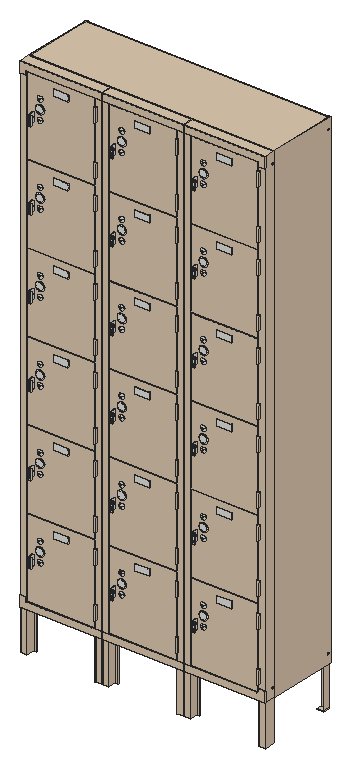
Revit family "Metal_Vented_Lockers-Salsbury_Industries-75000_76000_Series-3_Wide_Units", category Specialty Equipment, Revit 2016 (continued)
Nested families (in)
  nested 27: "Vented Metal Locker Doors-12 inch with Latch Hasps" at (-0.01383, -5.555, 18.74776), type <- "Door Location D1", type "Six Tier Door - 6 foot"
  nested 28: "Vented Metal Locker Doors-12 inch with Latch Hasps" at (-12.02717, -5.555, 18.74776), type <- "Door Location D1", type "Six Tier Door - 6 foot"
  nested 29: "Vented Metal Locker Doors-12 inch with Latch Hasps" at (11.99976, -5.555, 30.40676), type <- "Door Location D1", type "Six Tier Door - 6 foot"
  nested 30: "Vented Metal Locker Doors-12 inch with Latch Hasps" at (-0.01383, -5.555, 30.40676), type <- "Door Location D1", type "Six Tier Door - 6 foot"
  nested 31: "Vented Metal Locker Doors-12 inch with Latch Hasps" at (-12.02717, -5.555, 30.40676), type <- "Door Location D1", type "Six Tier Door - 6 foot"
  nested 32: "Vented Metal Locker Doors-12 inch with Latch Hasps" at (11.99976, -5.555, 42.06376), type <- "Door Location D1", type "Six Tier Door - 6 foot"
  nested 33: "Vented Metal Locker Doors-12 inch with Latch Hasps" at (-0.01383, -5.555, 42.06376), type <- "Door Location D1", type "Six Tier Door - 6 foot"
  nested 34: "Vented Metal Locker Doors-12 inch with Latch Hasps" at (-12.02717, -5.555, 42.06376), type <- "Door Location D1", type "Six Tier Door - 6 foot"
  nested 35: "Vented Metal Locker Doors-12 inch with Latch Hasps" at (11.99976, -5.555, 53.72076), type <- "Door Location D1", type "Six Tier Door - 6 foot"
  nested 36: "Vented Metal Locker Doors-12 inch with Latch Hasps" at (-0.01383, -5.555, 53.72076), type <- "Door Location D1", type "Six Tier Door - 6 foot"
  nested 37: "Vented Metal Locker Doors-12 inch with Latch Hasps" at (-12.02717, -5.555, 53.72076), type <- "Door Location D1", type "Six Tier Door - 6 foot"
  nested 38: "Vented Metal Locker Doors-12 inch with Latch Hasps" at (11.99976, -5.555, 65.37776), type <- "Door Location D1", visible <- "Top Row of Doors", type "Six Tier Door - 6 foot"
  nested 39: "Vented Metal Locker Doors-12 inch with Latch Hasps" at (-0.01383, -5.555, 65.37776), type <- "Door Location D1", visible <- "Top Row of Doors", type "Six Tier Door - 6 foot"
  nested 40: "Vented Metal Locker Doors-12 inch with Latch Hasps" at (-12.02717, -5.555, 65.37776), type <- "Door Location D1", visible <- "Top Row of Doors", type "Six Tier Door - 6 foot"
  nested 41: "Vents" at (18.02, -2.385, 4.96051) x (0, 1, 0) z (0, 0, 1), type <- "Vent Configuration Height", type "6 foot high vents"
  nested 42: "Vents" at (18.02, -1.791, 5.80051) x (0, 1, 0) z (0, 0, 1), type <- "Vent Configuration Height", type "6 foot high vents"
  nested 43: "Vents" at (18.02, -1.198, 4.96051) x (0, 1, 0) z (0, 0, 1), type <- "Vent Configuration Height", type "6 foot high vents"
  nested 44: "Vents" at (18.02, -0.011, 4.96051) x (0, 1, 0) z (0, 0, 1), type <- "Vent Configuration Height", type "6 foot high vents"
  nested 45: "Vents" at (18.02, 1.176, 4.96051) x (0, 1, 0) z (0, 0, 1), type <- "Vent Configuration Height", type "6 foot high vents"
  nested 46: "Vents" at (18.02, 2.363, 4.96051) x (0, 1, 0) z (0, 0, 1), type <- "Vent Configuration Height", type "6 foot high vents"
  nested 47: "Vents" at (18.02, 3.55, 4.96051) x (0, 1, 0) z (0, 0, 1), type <- "Vent Configuration Height", type "6 foot high vents"
  nested 48: "Vents" at (18.02, -0.604, 5.80051) x (0, 1, 0) z (0, 0, 1), type <- "Vent Configuration Height", type "6 foot high vents"
  nested 49: "Vents" at (18.02, 0.583, 5.80051) x (0, 1, 0) z (0, 0, 1), type <- "Vent Configuration Height", type "6 foot high vents"
  nested 50: "Vents" at (18.02, 1.77, 5.80051) x (0, 1, 0) z (0, 0, 1), type <- "Vent Configuration Height", type "6 foot high vents"
  nested 51: "Vents" at (18.02, 2.957, 5.80051) x (0, 1, 0) z (0, 0, 1), type <- "Vent Configuration Height", type "6 foot high vents"
  nested 52: "Vents" at (-18.02, -2.385, 4.96051) x (0, 1, 0) z (0, 0, 1), type <- "Vent Configuration Height", type "6 foot high vents"
  nested 53: "Vents" at (-18.02, -1.791, 5.80051) x (0, 1, 0) z (0, 0, 1), type <- "Vent Configuration Height", type "6 foot high vents"
  nested 54: "Vents" at (-18.02, -1.198, 4.96051) x (0, 1, 0) z (0, 0, 1), type <- "Vent Configuration Height", type "6 foot high vents"
  nested 55: "Vents" at (-18.02, -0.011, 4.96051) x (0, 1, 0) z (0, 0, 1), type <- "Vent Configuration Height", type "6 foot high vents"
  nested 56: "Vents" at (-18.02, 1.176, 4.96051) x (0, 1, 0) z (0, 0, 1), type <- "Vent Configuration Height", type "6 foot high vents"
  nested 57: "Vents" at (-18.02, 2.363, 4.96051) x (0, 1, 0) z (0, 0, 1), type <- "Vent Configuration Height", type "6 foot high vents"
  nested 58: "Vents" at (-18.02, 3.55, 4.96051) x (0, 1, 0) z (0, 0, 1), type <- "Vent Configuration Height", type "6 foot high vents"
  nested 59: "Vents" at (-18.02, -0.604, 5.80051) x (0, 1, 0) z (0, 0, 1), type <- "Vent Configuration Height", type "6 foot high vents"
  nested 60: "Vents" at (-18.02, 0.583, 5.80051) x (0, 1, 0) z (0, 0, 1), type <- "Vent Configuration Height", type "6 foot high vents"
  nested 61: "Vents" at (-18.02, 1.77, 5.80051) x (0, 1, 0) z (0, 0, 1), type <- "Vent Configuration Height", type "6 foot high vents"
  nested 62: "Vents" at (-18.02, 2.957, 5.80051) x (0, 1, 0) z (0, 0, 1), type <- "Vent Configuration Height", type "6 foot high vents"
Definition of nested family "Metal Locker Legs - 3 Wide"
  Parameters (values of type "6" High - 45"W x 18"D")
    Width = 45.040"
    Visible = yes
    Version = "1.0 (11/30/15)"
    Type Comments = "Standard Metal Locker Legs"
    Primary Structure Material = none
    Model = "n/a"
    MasterFormat Title = ""
    MasterFormat Number = ""
    Manufacturer = "Salsbury Industries"
    Description = "45\"W x 6\" H x 18\"D"
    Depth = 18.010"
    Height = 6.000"
    Assembly Code = ""
  Types (6): name | Width | Visible | Type Comments | Description | Depth
    6" High - 36" W x 12" D | 36.040" | yes | "Standard Metal Locker Legs" | "36\"W x 6\" H x 12\"D" | 12.010"
    6" High - 36" W x 15" D | 36.040" | yes | "Standard Metal Locker Legs" | "36\"W x 6\" H x 15\"D" | 15.010"
    6" High - 36"W x 18"D | 36.040" | yes | "Standard Metal Locker Legs" | "36\"W x 6\" H x 18\"D" | 18.010"
    6" High - 45"W x 15"D | 45.040" | yes | "Standard Metal Locker Legs" | "45\"W x 6\" H x 15\"D" | 15.010"
    6" High - 45"W x 18"D | 45.040" | yes | "Standard Metal Locker Legs" | "45\"W x 6\" H x 18\"D" | 18.010"
    No Legs | 36.040" | no | "No Legs" | "" | 12.010"
  Reference planes (in)
    plane 1 "Center (Front/Back)": y = 0
    plane 2: z = 0
    plane 3 "Center (Left/Right)": x = 0
    plane 4 "Floor": z = 0
    plane 5 "Bottom of Unit": z = 6
    plane 6 "Left Side of Unit": x = -22.52
    plane 7 "Right Side of Unit": x = 22.52
    plane 8 "Back of Unit": y = 9.005
    plane 9 "Front of Unit": y = -9.005
    plane 10 "Right Side of Door Opening": x = 21.52
    plane 11 "Left Side of Door Opening": x = -21.52
    plane 12 "Top of back legs": z = 6.185
    plane 13 "Back Edge of Front Facing": y = -7.417
    plane 14 "Inside Edge of Front Leg": x = -21.08
    plane 15 "Inside Edge of Right Leg": x = 21.08
    plane 16: y = -7.82
    plane 17 "Back Edge of Rear Legs": y = 8.895
    plane 18 "Right Edge of Rear Right Leg": x = 22.4
    plane 19 "Left Edge or Rear Left Leg": x = -22.4
    plane 20: y = 7.895
    plane 21 "Inside Edge or Rear Right Leg": x = 21.4
    plane 22 "Inside Edge or Left Rear Leg": x = -21.4
    plane 23: x = 7.50667
    plane 24: x = -7.50667
  Forms (in)
    Extrusion 1, solid, material <- "Primary Structure Material", visible <- "Visible"
      sketch origin (0, 0, 0) x (0, -1, 0) y (1, 0, 0)
        loop
          line (7.417, 22.52) -> (7.417, 22.46) -> (8.945, 22.46) -> (8.945, 21.58) -> (7.76, 21.58) -> (7.76, 21.08) -> (7.82, 21.08) -> (7.82, 21.52) -> (9.005, 21.52) -> (9.005, 22.52) -> (7.417, 22.52)
      from 0 to 6
    Extrusion 2, solid, material <- "Primary Structure Material", visible <- "Visible"
      sketch origin (0, 0, 0) x (0, -1, 0) y (1, 0, 0)
        loop
          line (7.417, -22.52) -> (9.005, -22.52) -> (9.005, -21.52) -> (7.82, -21.52) -> (7.82, -21.08) -> (7.76, -21.08) -> (7.76, -21.58) -> (8.945, -21.58) -> (8.945, -22.46) -> (7.417, -22.46) -> (7.417, -22.52)
      from 0 to 6
    Extrusion 3, solid, material <- "Primary Structure Material", visible <- "Visible"
      sketch origin (0, 0, 0) x (0, -1, 0) y (1, 0, 0)
        loop
          line (-8.895, 22.4) -> (-8.895, 21.4) -> (-8.835, 21.4) -> (-8.835, 22.34) -> (-7.895, 22.34) -> (-7.895, 22.4) -> (-8.895, 22.4)
      from 0.06 to 6.185
    Extrusion 4, solid, material <- "Primary Structure Material", visible <- "Visible"
      sketch origin (0, 0, 0) x (0, -1, 0) y (1, 0, 0)
        loop
          line (-8.895, 22.4) -> (-8.895, 21.4) -> (-7.895, 21.4) -> (-7.895, 22.4) -> (-8.895, 22.4)
      from 0 to 0.06
    Extrusion 5, solid, material <- "Primary Structure Material", visible <- "Visible"
      sketch origin (0, 0, 0) x (0, -1, 0) y (1, 0, 0)
        loop
          line (-8.895, -22.4) -> (-7.895, -22.4) -> (-7.895, -22.34) -> (-8.835, -22.34) -> (-8.835, -21.4) -> (-8.895, -21.4) -> (-8.895, -22.4)
      from 0.06 to 6.185
    Extrusion 6, solid, material <- "Primary Structure Material", visible <- "Visible"
      sketch origin (0, 0, 0) x (0, -1, 0) y (1, 0, 0)
        loop
          line (-8.895, -22.4) -> (-7.895, -22.4) -> (-7.895, -21.4) -> (-8.895, -21.4) -> (-8.895, -22.4)
      from 0 to 0.06
    Extrusion 7, solid, material <- "Primary Structure Material", visible <- "Visible"
      sketch origin (12, 0, 0) x (0, -1, 0) y (1, 0, 0)
        loop
          line (7.417, -19.50667) -> (9.005, -19.50667) -> (9.005, -18.50667) -> (7.82, -18.50667) -> (7.82, -18.06667) -> (7.76, -18.06667) -> (7.76, -18.56667) -> (8.945, -18.56667) -> (8.945, -19.44667) -> (7.417, -19.44667) -> (7.417, -19.50667)
      from 0 to 6
    Extrusion 8, solid, material <- "Primary Structure Material", visible <- "Visible"
      sketch origin (24.04, 0, 0) x (0, -1, 0) y (1, 0, 0)
        loop
          line (7.417, -16.53333) -> (9.005, -16.53333) -> (9.005, -15.53333) -> (7.82, -15.53333) -> (7.82, -15.09333) -> (7.76, -15.09333) -> (7.76, -15.59333) -> (8.945, -15.59333) -> (8.945, -16.47333) -> (7.417, -16.47333) -> (7.417, -16.53333)
      from 0 to 6
    Extrusion 9, solid, material <- "Primary Structure Material", visible <- "Visible"
      sketch origin (-12, 0, 0) x (0, -1, 0) y (1, 0, 0)
        loop
          line (7.417, 19.50667) -> (7.417, 19.44667) -> (8.945, 19.44667) -> (8.945, 18.56667) -> (7.76, 18.56667) -> (7.76, 18.06667) -> (7.82, 18.06667) -> (7.82, 18.50667) -> (9.005, 18.50667) -> (9.005, 19.50667) -> (7.417, 19.50667)
      from 0 to 6
    Extrusion 10, solid, material <- "Primary Structure Material", visible <- "Visible"
      sketch origin (-24.04, 0, 0) x (0, -1, 0) y (1, 0, 0)
        loop
          line (7.417, 16.53333) -> (7.417, 16.47333) -> (8.945, 16.47333) -> (8.945, 15.59333) -> (7.76, 15.59333) -> (7.76, 15.09333) -> (7.82, 15.09333) -> (7.82, 15.53333) -> (9.005, 15.53333) -> (9.005, 16.53333) -> (7.417, 16.53333)
      from 0 to 6
  Dimensions and locks (in)
    equal spacing: plane 6 "Left Side of Unit", plane 3 "Center (Left/Right)", plane 7 "Right Side of Unit"
    "Width": plane 6 "Left Side of Unit" to plane 7 "Right Side of Unit"
    "Height": plane 5 "Bottom of Unit" to plane 4 "Floor"
    equal spacing: plane 9 "Front of Unit", plane 1 "Center (Front/Back)", plane 8 "Back of Unit"
    "Depth": plane 9 "Front of Unit" to plane 8 "Back of Unit"
    plane 12 "Top of back legs" to plane 5 "Bottom of Unit" = 0.185"
    plane 6 "Left Side of Unit" to plane 11 "Left Side of Door Opening" = 1.000"
    plane 10 "Right Side of Door Opening" to plane 7 "Right Side of Unit" = 1.000"
    locked: plane 9 "Front of Unit" to plane 13 "Back Edge of Front Facing" at 1.588
    plane 11 "Left Side of Door Opening" to plane 14 "Inside Edge of Front Leg" = 0.440"
    plane 15 "Inside Edge of Right Leg" to plane 10 "Right Side of Door Opening" = 0.440"
    plane 9 "Front of Unit" to plane 16 = 1.185"
    plane 15 "Inside Edge of Right Leg" to plane 21 "Inside Edge or Rear Right Leg" to plane 10 "Right Side of Door Opening" to plane 18 "Right Edge of Rear Right Leg" to plane 7 "Right Side of Unit" = 0.320", 0.120", 0.880", 0.120"
    plane 6 "Left Side of Unit" to plane 19 "Left Edge or Rear Left Leg" to plane 11 "Left Side of Door Opening" to plane 22 "Inside Edge or Left Rear Leg" to plane 14 "Inside Edge of Front Leg" = 0.120", 0.880", 0.120", 0.320"
    plane 20 to plane 17 "Back Edge of Rear Legs" to plane 8 "Back of Unit" = 1.000", 0.110"
    equal spacing: plane 6 "Left Side of Unit", plane 24, plane 23, plane 7 "Right Side of Unit"
    aligned and locked: level to plane 2
    aligned and locked: Extrusion 3 to Extrusion 4
    aligned and locked: Extrusion 6 to Extrusion 5
    aligned and locked: Extrusion 3 to plane 18 "Right Edge of Rear Right Leg"
    aligned and locked: Extrusion 3 to plane 17 "Back Edge of Rear Legs"
    aligned and locked: Extrusion 5 to plane 19 "Left Edge or Rear Left Leg"
    aligned and locked: plane 17 "Back Edge of Rear Legs" to Extrusion 5
    aligned and locked: plane 5 "Bottom of Unit" to Extrusion 2
    aligned and locked: Extrusion 1 to plane 5 "Bottom of Unit"
    aligned and locked: Extrusion 3 to plane 12 "Top of back legs"
    aligned and locked: plane 12 "Top of back legs" to Extrusion 5
  Automatic sketch dimensions
    plane 13 "Back Edge of Front Facing" to Extrusion 1 sketch curve = 0.000"
    Extrusion 1 sketch curve to plane 15 "Inside Edge of Right Leg" = 0.000"
    plane 16 to Extrusion 1 sketch curve = 0.000"
    Extrusion 1 sketch curve to plane 7 "Right Side of Unit" = 0.000"
    plane 9 "Front of Unit" to Extrusion 1 sketch curve = 0.000"
    Extrusion 1 sketch curve to plane 10 "Right Side of Door Opening" = 0.000"
    Extrusion 1 sketch curve to plane 16 = 0.060"
    Extrusion 1 sketch curve to plane 9 "Front of Unit" = 0.060"
    Extrusion 1 sketch curve to plane 10 "Right Side of Door Opening" = 0.060"
    plane 7 "Right Side of Unit" to Extrusion 1 sketch curve = 0.060"
    Extrusion 2 sketch curve to plane 13 "Back Edge of Front Facing" = 0.000"
    Extrusion 2 sketch curve to plane 14 "Inside Edge of Front Leg" = 0.000"
    Extrusion 2 sketch curve to plane 16 = 0.000"
    Extrusion 2 sketch curve to plane 6 "Left Side of Unit" = 0.000"
    Extrusion 2 sketch curve to plane 9 "Front of Unit" = 0.000"
    Extrusion 2 sketch curve to plane 11 "Left Side of Door Opening" = 0.000"
    plane 16 to Extrusion 2 sketch curve = 0.060"
    plane 9 "Front of Unit" to Extrusion 2 sketch curve = 0.060"
    Extrusion 2 sketch curve to plane 11 "Left Side of Door Opening" = 0.060"
    plane 6 "Left Side of Unit" to Extrusion 2 sketch curve = 0.060"
    plane 17 "Back Edge of Rear Legs" to Extrusion 3 sketch curve = 0.000"
    Extrusion 3 sketch curve to plane 21 "Inside Edge or Rear Right Leg" = 0.000"
    Extrusion 3 sketch curve to plane 18 "Right Edge of Rear Right Leg" = 0.000"
    plane 20 to Extrusion 3 sketch curve = 0.000"
    plane 17 "Back Edge of Rear Legs" to Extrusion 3 sketch curve = 0.060"
    plane 18 "Right Edge of Rear Right Leg" to Extrusion 3 sketch curve = 0.060"
    plane 17 "Back Edge of Rear Legs" to Extrusion 4 sketch curve = 0.000"
    Extrusion 4 sketch curve to plane 18 "Right Edge of Rear Right Leg" = 0.000"
    plane 20 to Extrusion 4 sketch curve = 0.000"
    Extrusion 4 sketch curve to plane 21 "Inside Edge or Rear Right Leg" = 0.000"
    Extrusion 5 sketch curve to plane 17 "Back Edge of Rear Legs" = 0.000"
    Extrusion 5 sketch curve to plane 22 "Inside Edge or Left Rear Leg" = 0.000"
    Extrusion 5 sketch curve to plane 19 "Left Edge or Rear Left Leg" = 0.000"
    Extrusion 5 sketch curve to plane 20 = 0.000"
    Extrusion 5 sketch curve to plane 17 "Back Edge of Rear Legs" = 0.060"
    Extrusion 5 sketch curve to plane 19 "Left Edge or Rear Left Leg" = 0.060"
    Extrusion 6 sketch curve to plane 17 "Back Edge of Rear Legs" = 0.000"
    Extrusion 6 sketch curve to plane 19 "Left Edge or Rear Left Leg" = 0.000"
    Extrusion 6 sketch curve to plane 20 = 0.000"
    Extrusion 6 sketch curve to plane 22 "Inside Edge or Left Rear Leg" = 0.000"
    plane 13 "Back Edge of Front Facing" to Extrusion 7 sketch curve = 0.000"
    plane 16 to Extrusion 7 sketch curve = 0.000"
    plane 9 "Front of Unit" to Extrusion 7 sketch curve = 0.000"
    Extrusion 7 sketch curve to plane 24 = 0.000"
    plane 16 to Extrusion 7 sketch curve = 0.060"
    plane 9 "Front of Unit" to Extrusion 7 sketch curve = 0.060"
    plane 24 to Extrusion 7 sketch curve = 0.060"
    plane 24 to Extrusion 7 sketch curve = 0.940"
    Extrusion 7 sketch curve to Extrusion 7 sketch curve = 0.060"
    Extrusion 7 sketch curve to Extrusion 7 sketch curve = 0.440"
    plane 13 "Back Edge of Front Facing" to Extrusion 8 sketch curve = 0.000"
    plane 16 to Extrusion 8 sketch curve = 0.000"
    plane 9 "Front of Unit" to Extrusion 8 sketch curve = 0.000"
    Extrusion 8 sketch curve to plane 23 = 0.000"
    plane 16 to Extrusion 8 sketch curve = 0.060"
    plane 9 "Front of Unit" to Extrusion 8 sketch curve = 0.060"
    plane 23 to Extrusion 8 sketch curve = 0.060"
    plane 23 to Extrusion 8 sketch curve = 0.940"
    Extrusion 8 sketch curve to Extrusion 8 sketch curve = 0.060"
    Extrusion 8 sketch curve to Extrusion 8 sketch curve = 0.440"
    plane 13 "Back Edge of Front Facing" to Extrusion 9 sketch curve = 0.000"
    plane 16 to Extrusion 9 sketch curve = 0.000"
    plane 9 "Front of Unit" to Extrusion 9 sketch curve = 0.000"
    Extrusion 9 sketch curve to plane 23 = 0.000"
    Extrusion 9 sketch curve to plane 16 = 0.060"
    Extrusion 9 sketch curve to plane 9 "Front of Unit" = 0.060"
    plane 23 to Extrusion 9 sketch curve = 0.060"
    plane 23 to Extrusion 9 sketch curve = 0.940"
    Extrusion 9 sketch curve to Extrusion 9 sketch curve = 0.060"
    Extrusion 9 sketch curve to Extrusion 9 sketch curve = 0.440"
    plane 13 "Back Edge of Front Facing" to Extrusion 10 sketch curve = 0.000"
    plane 16 to Extrusion 10 sketch curve = 0.000"
    plane 9 "Front of Unit" to Extrusion 10 sketch curve = 0.000"
    Extrusion 10 sketch curve to plane 24 = 0.000"
    Extrusion 10 sketch curve to plane 16 = 0.060"
    Extrusion 10 sketch curve to plane 9 "Front of Unit" = 0.060"
    plane 24 to Extrusion 10 sketch curve = 0.060"
    plane 24 to Extrusion 10 sketch curve = 0.940"
    Extrusion 10 sketch curve to Extrusion 10 sketch curve = 0.060"
    Extrusion 10 sketch curve to Extrusion 10 sketch curve = 0.440"
Definition of nested family "Vented Metal Locker Doors-12 inch with Latch Hasps"
  Parameters (values of type "Four Tier Door - 6 foot")
    Width = 9.901"
    Visible = yes
    Vent Array Spacing = 1.187"
    Vent Array 2 = if(Height = 17.360", 10, if(Height = 14.360", 8, if(Height = 11.532", 6, if(Height = 11.463", 6, 0))))  # 10
    Vent Array 1 = Vent Array 2  # 10
    Primary Structure Material = none
    Louver Set Vertical Alignment = 5.710"
    Number Plate Alignment = 0.9375"
    Louver Width = 4.000"
    Hinge 2 Placement = 14.142"
    Hinge 1 Placement = 1.125"
    Height = 17.360"
    Hasp Plate Rivet Material = none
    Hasp Height = 1.438"
    First Vent Placement = 2.875"
    Depth = 0.900"
  Types (4): name | Vent Array 2 | Vent Array 1 | Louver Set Vertical Alignment | Hinge 2 Placement | Height | First Vent Placement
    Six Tier Door - 6 foot | 6 | 6 | 2.731" | 8.449" | 11.532" | 2.3925"
    Five Tier Door - 5 foot | 6 | 6 | 2.826" | 8.188" | 11.463" | 2.3925"
    Four Tier Door - 6 foot | 10 | 10 | 5.710" | 14.142" | 17.360" | 2.875"
    Four Tier Door - 5 foot | 8 | 8 | 4.240" | 11.142" | 14.360" | 2.625"
  Reference planes (in)
    plane 1 "Center (Front/Back)": y = 0
    plane 2 "Bottom of Door": z = 0
    plane 3 "Center (Left/Right)": x = 0
    plane 4 "Center (Top/Bottom)": z = 8.68
    plane 5 "Top of Door": z = 17.36
    plane 6 "Right Side of Door": x = 4.9505
    plane 7 "Left Side of Door": x = -4.9505
    plane 8 "Front of Door": y = -0.45
    plane 9 "Back of Door": y = 0.45
    plane 10 "Top of Number Plate": z = 16.4225
    plane 11 "Top of Hasp Alignment": z = 9.399
    plane 12 "Bottom of Hasp Alignment": z = 7.961
    plane 13 "Left Side of Louvers": x = -2
    plane 14 "Right Side of Louvers": x = 2
    plane 15 "Front of Louvers": y = -0.6375
    plane 16: x = -1.094
    plane 17: x = 1.094
    plane 18: z = 15.4225
    plane 19 "Center Hasp": x = -1.7755
    plane 20 "Top of Hinge 2": z = 3.218
    plane 21 "Top of Hinge 1": z = 16.235
    plane 22 "Left Hasp Hole Align": x = -4.263
    plane 23 "Right Hasp Hole Align": x = -4.013
    plane 24 "Center Hasp Stud Align": z = 10.09841
    plane 25 "Top Hasp Stud Align": z = 11.51682
    plane 26 "Vertical Hasp Stud Align": x = -3.076
    plane 27 "Vertical Center Hasp Align": x = -4.13777
    plane 28: z = 2.875
    plane 29: z = 3.46558
    plane 30: z = 4.062
    plane 31: z = 4.65258
  Forms (in)
    Extrusion 1, solid, material <- "Primary Structure Material", visible <- "Visible"
      sketch origin (0, 0, 0) x (1, 0, 0) y (0, 0, 1)
        loop
          line (-4.9505, 17.36) -> (-4.9505, 0) -> (4.9505, 0) -> (4.9505, 17.36) -> (-4.9505, 17.36)
      from -0.45 to 0.45
    Extrusion 2, solid, material <- "Hasp Plate Rivet Material", visible <- "Visible", detail levels medium+fine
      sketch origin (0, -0.45, 0) x (1, 0, 0) y (0, 0, 1)
        loop
          arc (-1.06847, 16.38695) -> (-1.10166, 15.92421) -> (-1.06847, 15.46147) r 3.2426
          arc (-1.06847, 15.46147) -> (0, 15.42272) -> (1.06847, 15.46147) r 14.75
          arc (1.06847, 15.46147) -> (1.10166, 15.92421) -> (1.06847, 16.38695) r 3.2426
          arc (1.06847, 16.38695) -> (0, 16.41487) -> (-1.06847, 16.38695) r 20.45441
      from 0 to 0.03497
    Extrusion 3, void
      sketch origin (-1.7755, -0.13281, 0.04687) x (0, 0, -1) y (0, -1, 0)
        loop
          circle (-8.35677, -0.16411) r 0.2
      from -0.163 to 0.163
    Extrusion 4, solid, material <- "Primary Structure Material", visible <- "Visible", detail levels medium+fine
      sketch origin (0, 0, 16.235) x (0, -1, 0) y (1, 0, 0)
        loop
          line (0.45, 4.9505) -> (0.575, 4.9505)
          arc (0.575, 4.9505) -> (0.7, 5.0755) -> (0.575, 5.2005) r 0.125
          line (0.575, 5.2005) -> (0.45, 5.2005) -> (0.45, 4.9505)
      from 0 to -2
    Extrusion 5, solid, material <- "Primary Structure Material", visible <- "Visible", detail levels medium+fine
      sketch origin (0, 0, 3.218) x (0, -1, 0) y (1, 0, 0)
        loop
          line (0.45, 4.9505) -> (0.575, 4.9505)
          arc (0.575, 4.9505) -> (0.7, 5.0755) -> (0.575, 5.2005) r 0.125
          line (0.575, 5.2005) -> (0.45, 5.2005) -> (0.45, 4.9505)
      from 0 to -2
    Extrusion 6, void
      sketch origin (0, -0.45, 0) x (1, 0, 0) y (0, 0, 1)
        loop
          line (-4.263, 9.399) -> (-4.263, 7.961) -> (-4.013, 7.961) -> (-4.013, 9.399) -> (-4.263, 9.399)
      from -0.9 to 0
    Blend 7, solid, material <- "Hasp Plate Rivet Material", visible <- "Visible", detail levels fine
      base sketch origin (0, -0.45, 0) x (1, 0, 0) y (0, 0, 1)
        loop
          circle (-3.076, 8.68) r 0.375
      top sketch origin (0, -0.45, 0) x (1, 0, 0) y (0, 0, 1)
        loop
          circle (-3.076, 8.68) r 0.09706
      from 0 to 0.03497
    Blend 8, solid, material <- "Hasp Plate Rivet Material", visible <- "Visible", detail levels fine
      base sketch origin (0, -0.45, 2.83682) x (1, 0, 0) y (0, 0, 1)
        loop
          circle (-3.076, 8.68) r 0.375
      top sketch origin (0, -0.45, 2.83682) x (1, 0, 0) y (0, 0, 1)
        loop
          circle (-3.076, 8.68) r 0.09706
      from 0 to 0.03497
    Blend 9, solid, material <- "Hasp Plate Rivet Material", visible <- "Visible", detail levels fine
      base sketch origin (0, -0.45, -0.16841) x (1, 0, 0) y (0, 0, 1)
        loop
          circle (-3.076, 10.26682) r 0.625
      top sketch origin (0, -0.45, -0.16841) x (1, 0, 0) y (0, 0, 1)
        loop
          circle (-3.076, 10.26682) r 0.58088
      from 0 to 0.03497
    Extrusion 10, solid, material <- "Hasp Plate Rivet Material", visible <- "Visible", detail levels fine
      sketch origin (0, 0, 7.961) x (0, -1, 0) y (1, 0, 0)
        loop
          line (-0.45, -4.07527) -> (-0.45, -4.13777) -> (1.2, -4.13777)
          arc (1.2, -4.13777) -> (1.24419, -4.11946) -> (1.2625, -4.07527) r 0.0625
          line (1.2625, -4.07527) -> (1.2625, -3.76277) -> (1.20579, -3.76277) -> (1.20579, -4.0127)
          arc (1.20579, -4.0127) -> (1.18746, -4.05694) -> (1.14322, -4.07527) r 0.06257
          line (1.14322, -4.07527) -> (-0.45, -4.07527)
      from 0 to 1.438
    Extrusion 11, solid, material <- "Hasp Plate Rivet Material", visible <- "Visible", detail levels fine
      sketch origin (0, 0, 7.961) x (0, -1, 0) y (1, 0, 0)
        loop
          line (-0.45, -4.20027) -> (1.2625, -4.20027) -> (1.2625, -4.13777) -> (-0.45, -4.13777) -> (-0.45, -4.20027)
      from 0 to 1.438
    Extrusion 12, void
      sketch origin (-4.013, 0, 0) x (0, 0, -1) y (0, -1, 0)
        loop
          circle (-8.68, 0.82219) r 0.375
      from 0 to 0.25
  Cuts and joins
    Extrusion 3, Extrusion 6 cuts Extrusion 1
    Extrusion 12 cuts Extrusion 10
    Extrusion 12 cuts Extrusion 11
  Lines and regions (in)
    symbolic lines
      curve 1: line (-4.20027, -0.44719, 7.961) -> (-4.20027, -1.2625, 7.961)
      curve 2: line (-4.20027, -1.2625, 7.961) -> (-4.13777, -1.2625, 7.961)
      curve 3: line (-4.13777, -1.2625, 7.961) -> (-4.13777, -0.45, 7.961)
      curve 4: line (-4.07527, -0.44719, 7.961) -> (-4.07527, -1.14322, 7.961)
      curve 5: line (-4.0127, -1.20579, 7.961) -> (-3.76277, -1.20579, 7.961)
      curve 6: line (-3.76277, -1.20579, 7.961) -> (-3.76277, -1.2625, 7.961)
      curve 7: line (-3.76277, -1.2625, 7.961) -> (-4.07527, -1.2625, 7.961)
      curve 8: arc (-4.07527, -1.14322, 7.961) -> (-4.05694, -1.18746, 7.961) -> (-4.0127, -1.20579, 7.961) r 0.06257
      curve 9: arc (-4.07527, -1.2625, 7.961) -> (-4.11946, -1.24419, 7.961) -> (-4.13777, -1.2, 7.961) r 0.0625
      curve 10: line (-4.013, -0.45, 9.40058) -> (-4.013, -1.26256, 9.40058)
      curve 11: line (-4.013, -1.26256, 9.40058) -> (-4.013, -1.26256, 7.9612)
      curve 12: line (-4.013, -1.26256, 7.9612) -> (-4.013, -0.45309, 7.9612)
      curve 13: line (-4.263, -0.45, 9.399) -> (-4.20027, -0.45, 9.399)
      curve 14: line (-4.263, -0.45, 7.961) -> (-4.263, -0.45, 9.399)
      curve 15: line (-4.20027, -0.45, 7.961) -> (-4.263, -0.45, 7.961)
      curve 16: line (-4.20027, -0.45, 9.399) -> (-4.20027, -0.45, 7.961)
      curve 17: line (-4.20027, -0.45, 9.399) -> (-3.76277, -0.45, 9.399)
      curve 18: line (-4.20027, -0.45, 7.961) -> (-3.76277, -0.45, 7.961)
      curve 19: line (-3.76277, -0.45, 9.399) -> (-3.76277, -0.45, 7.961)
      curve 20: circle (-3.076, -0.45, 11.51682) r 0.371 normal (0, -1, 0)
      curve 21: circle (-3.076, -0.45, 8.68) r 0.375 normal (0, -1, 0)
      curve 22: circle (-3.076, -0.45, 10.09841) r 0.62368 normal (0, -1, 0)
      curve 23: line (-4.9505, -0.45, 17.36) -> (4.9505, -0.45, 17.36)
      curve 24: line (-4.9505, -0.45, 0) -> (-4.9505, -0.45, 17.36)
      curve 25: line (4.9505, -0.45, 0) -> (-4.9505, -0.45, 0)
      curve 26: line (4.9505, -0.45, 17.36) -> (4.9505, -0.45, 0)
  Dimensions and locks (in)
    equal spacing: plane 5 "Top of Door", plane 4 "Center (Top/Bottom)", plane 2 "Bottom of Door"
    "Height": plane 5 "Top of Door" to plane 2 "Bottom of Door"
    equal spacing: plane 8 "Front of Door", plane 1 "Center (Front/Back)", plane 9 "Back of Door"
    "Depth": plane 8 "Front of Door" to plane 9 "Back of Door"
    equal spacing: plane 7 "Left Side of Door", plane 3 "Center (Left/Right)", plane 6 "Right Side of Door"
    "Width": plane 7 "Left Side of Door" to plane 6 "Right Side of Door"
    "Number Plate Alignment": plane 5 "Top of Door" to plane 10 "Top of Number Plate" to plane 18
    equal spacing: plane 13 "Left Side of Louvers", plane 3 "Center (Left/Right)", plane 14 "Right Side of Louvers"
    "Louver Width": plane 13 "Left Side of Louvers" to plane 14 "Right Side of Louvers"
    plane 25 "Top Hasp Stud Align" to plane 24 "Center Hasp Stud Align" to plane 11 "Top of Hasp Alignment" to plane 4 "Center (Top/Bottom)" to plane 12 "Bottom of Hasp Alignment" = 1.41841", 0.69941", 0.719", 0.719"
    "Hasp Height": plane 11 "Top of Hasp Alignment" to plane 12 "Bottom of Hasp Alignment"
    locked: plane 15 "Front of Louvers" to plane 8 "Front of Door" at 0.1875
    plane 16 to plane 3 "Center (Left/Right)" to plane 17 = 1.094" locked, 1.094" locked
    "Hinge 1 Placement": plane 5 "Top of Door" to plane 21 "Top of Hinge 1"
    "Hinge 2 Placement": plane 5 "Top of Door" to plane 20 "Top of Hinge 2"
    plane 7 "Left Side of Door" to plane 22 "Left Hasp Hole Align" to plane 23 "Right Hasp Hole Align" to plane 26 "Vertical Hasp Stud Align" = 0.6875" locked, 0.250" locked, 0.937" locked
    equal spacing: group 1, group 2, group 3, group 4, group 5, group 6, group 13, group 14, group 15, group 16  (x3)
    equal spacing: group 7, group 8, group 9, group 10, group 11, group 12, group 17, group 18, group 19, group 20  (x3)
    "Vent Array Spacing": plane 30 to plane 28
    "First Vent Placement": plane 28 to plane 2 "Bottom of Door"
    "Vent Array Spacing": plane 31 to plane 29
    locked: plane 29 to plane 28 at 0.59058
    aligned and locked: level to plane 2 "Bottom of Door"
    aligned and locked: plane 5 "Top of Door" to Extrusion 1 sketch curve
    aligned and locked: Extrusion 1 sketch curve to plane 7 "Left Side of Door"
    aligned and locked: plane 2 "Bottom of Door" to Extrusion 1 sketch curve
    aligned and locked: plane 6 "Right Side of Door" to Extrusion 1 sketch curve
    aligned and locked: plane 11 "Top of Hasp Alignment" to Extrusion 6 sketch curve
    aligned and locked: Extrusion 6 sketch curve to plane 22 "Left Hasp Hole Align"
    aligned and locked: Extrusion 6 sketch curve to plane 12 "Bottom of Hasp Alignment"
    aligned and locked: plane 23 "Right Hasp Hole Align" to Extrusion 6 sketch curve
    aligned and locked: plane 25 "Top Hasp Stud Align" to Blend 8 sketch curve  (x2)
    aligned and locked: plane 4 "Center (Top/Bottom)" to Blend 7 sketch curve  (x2)
    aligned and locked: plane 24 "Center Hasp Stud Align" to Blend 9 sketch curve  (x2)
    aligned and locked: plane 27 "Vertical Center Hasp Align" to Extrusion 11 sketch curve
    aligned and locked: plane 27 "Vertical Center Hasp Align" to Extrusion 10 sketch curve
    aligned and locked: plane 4 "Center (Top/Bottom)" to Extrusion 12 sketch curve
    aligned and locked: plane 3 "Center (Left/Right)" to nested 1
    aligned and locked: plane 28 to nested 2
    aligned and locked: plane 29 to nested 1
    aligned and locked: plane 30 to nested 3
    aligned and locked: plane 31 to nested 8
    aligned and locked: curve 1 to cut or joined group of Extrusion 11, Extrusion 12
    aligned and locked: curve 2 to cut or joined group of Extrusion 11, Extrusion 12
    aligned and locked: curve 3 to cut or joined group of Extrusion 11, Extrusion 12
    aligned and locked: cut or joined group of Extrusion 10, Extrusion 12 to curve 4
    aligned and locked: curve 5 to cut or joined group of Extrusion 10, Extrusion 12
    aligned and locked: curve 6 to cut or joined group of Extrusion 10, Extrusion 12
    aligned and locked: curve 7 to cut or joined group of Extrusion 10, Extrusion 12
    aligned and locked: curve 10 to nested 12  (x2)
    aligned and locked: curve 13 to cut or joined group of Extrusion 1, Extrusion 3, Extrusion 6
    aligned and locked: curve 14 to cut or joined group of Extrusion 1, Extrusion 3, Extrusion 6
    aligned and locked: cut or joined group of Extrusion 11, Extrusion 12 to curve 15
    aligned and locked: curve 16 to cut or joined group of Extrusion 11, Extrusion 12
    aligned and locked: curve 13 to curve 17
    aligned and locked: curve 19 to cut or joined group of Extrusion 10, Extrusion 12
    aligned and locked: curve 23 to cut or joined group of Extrusion 1, Extrusion 3, Extrusion 6
    aligned and locked: curve 25 to cut or joined group of Extrusion 1, Extrusion 3, Extrusion 6
    aligned and locked: curve 26 to cut or joined group of Extrusion 1, Extrusion 3, Extrusion 6
  Automatic sketch dimensions
    Extrusion 2 sketch curve to plane 3 "Center (Left/Right)" = 0.000"  (x2)
    plane 13 "Left Side of Louvers" to Extrusion 2 sketch curve = 0.14094"
    Extrusion 2 sketch curve to plane 14 "Right Side of Louvers" = 0.14094"
    Extrusion 2 sketch curve to level = 4.03954"
    plane 21 "Top of Hinge 1" to Extrusion 2 sketch curve = 0.31079"  (x2)
    Extrusion 2 sketch curve to plane 5 "Top of Door" = 12.81272"
    Extrusion 2 sketch curve to plane 16 = 0.02553"  (x2)
    plane 17 to Extrusion 2 sketch curve = 0.02553"
    Extrusion 2 sketch curve to plane 18 = 0.03897"
    Extrusion 3 sketch curve to plane 1 "Center (Front/Back)" = 0.0313"
    Extrusion 4 sketch curve to plane 6 "Right Side of Door" = 0.000"
    plane 8 "Front of Door" to Extrusion 4 sketch curve = 0.000"
    Extrusion 4 sketch curve to plane 15 "Front of Louvers" = 0.0625"
    Extrusion 4 sketch curve to plane 6 "Right Side of Door" = 0.125"
    Extrusion 5 sketch curve to plane 6 "Right Side of Door" = 0.000"
    plane 8 "Front of Door" to Extrusion 5 sketch curve = 0.000"
    Extrusion 5 sketch curve to plane 15 "Front of Louvers" = 0.0625"
    Extrusion 5 sketch curve to plane 6 "Right Side of Door" = 0.125"
    plane 26 "Vertical Hasp Stud Align" to Blend 7 sketch curve = 0.000"  (x2)
    plane 26 "Vertical Hasp Stud Align" to Blend 8 sketch curve = 0.000"  (x2)
    plane 26 "Vertical Hasp Stud Align" to Blend 9 sketch curve = 0.000"  (x2)
    Extrusion 10 sketch curve to plane 1 "Center (Front/Back)" = 0.450"
    plane 23 "Right Hasp Hole Align" to Extrusion 10 sketch curve = 0.06227"
    Extrusion 10 sketch curve to plane 23 "Right Hasp Hole Align" = 0.0003"
    plane 15 "Front of Louvers" to Extrusion 10 sketch curve = 0.50572"
    Extrusion 10 sketch curve to Extrusion 10 sketch curve = 0.05678"
    Extrusion 10 sketch curve to Extrusion 10 sketch curve = 0.24993"
    plane 9 "Back of Door" to Extrusion 11 sketch curve = 0.000"
    plane 15 "Front of Louvers" to Extrusion 11 sketch curve = 0.625"
    Extrusion 11 sketch curve to plane 22 "Left Hasp Hole Align" = 0.06273"
    Extrusion 10 sketch curve to Extrusion 10 sketch curve = 0.06257"
    plane 15 "Front of Louvers" to Extrusion 12 sketch curve = 0.18469"
    plane 4 "Center (Top/Bottom)" to Extrusion 3 sketch curve = 0.27635"
    plane 8 "Front of Door" to curve 3 = 0.000"
    curve 8 to plane 23 "Right Hasp Hole Align" = 0.0003"
    curve 9 to curve 4 = 0.000"
    curve 1 to plane 8 "Front of Door" = 0.00281"
    curve 4 to plane 8 "Front of Door" = 0.00281"
    plane 15 "Front of Louvers" to curve 11 = 0.62506"
    curve 12 to plane 12 "Bottom of Hasp Alignment" = 0.0002"
    plane 8 "Front of Door" to curve 12 = 0.00309"
    plane 7 "Left Side of Door" to curve 24 = 0.000"
    curve 22 to plane 24 "Center Hasp Stud Align" = 0.000"
    plane 26 "Vertical Hasp Stud Align" to curve 22 = 0.000"
    curve 21 to plane 4 "Center (Top/Bottom)" = 0.000"
    plane 26 "Vertical Hasp Stud Align" to curve 21 = 0.000"
    curve 20 to plane 25 "Top Hasp Stud Align" = 0.000"
    plane 26 "Vertical Hasp Stud Align" to curve 20 = 0.000"
    radius of Extrusion 3 sketch curve = 0.200"
    radius of Blend 7 sketch curve = 0.375"
    radius of Blend 7 sketch curve = 0.09706"
    radius of Blend 8 sketch curve = 0.375"
    radius of Blend 8 sketch curve = 0.09706"
    radius of Blend 9 sketch curve = 0.625"
    radius of Blend 9 sketch curve = 0.58088"
    radius of Extrusion 12 sketch curve = 0.375"
    radius of curve 20 = 0.371"
    radius of curve 21 = 0.375"
    radius of curve 22 = 0.62368"
  Nested families (in)
    nested 1: "Vents - Horizontal 3" at (0, -0.45, -61.80738), type "Vents - Horizontal 3"
    nested 2: "Vents - Horizontal 2" at (2.6043, -0.45, -60.66388), type "Vents - Horizontal 2"
    nested 3: "Vents - Horizontal 2" at (2.6043, -0.45, -59.47688), type "Vents - Horizontal 2"
    nested 4: "Vents - Horizontal 2" at (2.6043, -0.45, -58.28988), type "Vents - Horizontal 2"
    nested 5: "Vents - Horizontal 2" at (2.6043, -0.45, -57.10288), type "Vents - Horizontal 2"
    nested 6: "Vents - Horizontal 2" at (2.6043, -0.45, -55.91588), type "Vents - Horizontal 2"
    nested 7: "Vents - Horizontal 2" at (2.6043, -0.45, -54.72888), type "Vents - Horizontal 2"
    nested 8: "Vents - Horizontal 3" at (0, -0.45, -60.62038), type "Vents - Horizontal 3"
    nested 9: "Vents - Horizontal 3" at (0, -0.45, -59.43338), type "Vents - Horizontal 3"
    nested 10: "Vents - Horizontal 3" at (0, -0.45, -58.24638), type "Vents - Horizontal 3"
    nested 11: "Vents - Horizontal 3" at (0, -0.45, -57.05938), type "Vents - Horizontal 3"
    nested 12: "Vents - Horizontal 3" at (0, -0.45, -55.87238), type "Vents - Horizontal 3"
    nested 13: "Vents - Horizontal 2" at (2.6043, -0.45, -53.54188), type "Vents - Horizontal 2"
    nested 14: "Vents - Horizontal 2" at (2.6043, -0.45, -52.35488), type "Vents - Horizontal 2"
    nested 15: "Vents - Horizontal 2" at (2.6043, -0.45, -51.16788), type "Vents - Horizontal 2"
    nested 16: "Vents - Horizontal 2" at (2.6043, -0.45, -49.98088), type "Vents - Horizontal 2"
    nested 17: "Vents - Horizontal 3" at (0, -0.45, -54.68538), type "Vents - Horizontal 3"
    nested 18: "Vents - Horizontal 3" at (0, -0.45, -53.49838), type "Vents - Horizontal 3"
    nested 19: "Vents - Horizontal 3" at (0, -0.45, -52.31138), type "Vents - Horizontal 3"
    nested 20: "Vents - Horizontal 3" at (0, -0.45, -51.12438), type "Vents - Horizontal 3"
  Definition of nested family "Vents - Horizontal 3"
    Reference planes (in)
      plane 1 "Center (Front/Back)": y = 0
      plane 2: z = 0
      plane 3 "Center (Left/Right)": x = 0
    Lines and regions (in)
      model lines
        curve 1: spline (1.08625, 0, 65.3981) -> (1.05712, 0, 65.3804) -> (1.03269, 0, 65.36106) -> (1.01334, 0, 65.34039) -> (0.99936, 0, 65.31871) -> (0.99096, 0, 65.29635) -> (0.98829, 0, 65.27365) -> (0.99137, 0, 65.25097) -> (1.00016, 0, 65.22864) -> (1.01452, 0, 65.20702) -> (1.03424, 0, 65.18644) -> (1.05902, 0, 65.16721) -> (1.08846, 0, 65.14963)
        curve 2: line (1.08625, 0, 65.3981) -> (1.73835, 0, 65.64972)
        curve 3: line (1.08846, 0, 65.14963) -> (1.73762, 0, 64.89923)
        curve 4: spline (2.39008, 0, 65.39825) -> (2.41937, 0, 65.38053) -> (2.44394, 0, 65.36117) -> (2.46341, 0, 65.34048) -> (2.47747, 0, 65.31876) -> (2.48591, 0, 65.29637) -> (2.4886, 0, 65.27363) -> (2.4855, 0, 65.25091) -> (2.47665, 0, 65.22855) -> (2.46219, 0, 65.2069) -> (2.44234, 0, 65.18629) -> (2.41742, 0, 65.16704) -> (2.3878, 0, 65.14945)
        curve 5: line (2.39008, 0, 65.39825) -> (1.73835, 0, 65.64972)
        curve 6: line (2.3878, 0, 65.14945) -> (1.73762, 0, 64.89923)
        curve 13: spline (-0.65075, 0, 65.3981) -> (-0.67988, 0, 65.3804) -> (-0.70431, 0, 65.36106) -> (-0.72366, 0, 65.34039) -> (-0.73764, 0, 65.31871) -> (-0.74604, 0, 65.29635) -> (-0.74871, 0, 65.27365) -> (-0.74563, 0, 65.25097) -> (-0.73684, 0, 65.22864) -> (-0.72248, 0, 65.20702) -> (-0.70276, 0, 65.18644) -> (-0.67798, 0, 65.16721) -> (-0.64854, 0, 65.14963)
        curve 14: line (-0.65075, 0, 65.3981) -> (0.00135, 0, 65.64972)
        curve 15: line (-0.64854, 0, 65.14963) -> (0.00062, 0, 64.89923)
        curve 16: spline (0.65308, 0, 65.39825) -> (0.68237, 0, 65.38053) -> (0.70694, 0, 65.36117) -> (0.72641, 0, 65.34048) -> (0.74047, 0, 65.31876) -> (0.74891, 0, 65.29637) -> (0.7516, 0, 65.27363) -> (0.7485, 0, 65.25091) -> (0.73965, 0, 65.22855) -> (0.72519, 0, 65.2069) -> (0.70534, 0, 65.18629) -> (0.68042, 0, 65.16704) -> (0.6508, 0, 65.14945)
        curve 17: line (0.65308, 0, 65.39825) -> (0.00135, 0, 65.64972)
        curve 18: line (0.6508, 0, 65.14945) -> (0.00062, 0, 64.89923)
        curve 19: spline (-2.38775, 0, 65.3981) -> (-2.41688, 0, 65.3804) -> (-2.44131, 0, 65.36106) -> (-2.46066, 0, 65.34039) -> (-2.47464, 0, 65.31871) -> (-2.48304, 0, 65.29635) -> (-2.48571, 0, 65.27365) -> (-2.48263, 0, 65.25097) -> (-2.47384, 0, 65.22864) -> (-2.45948, 0, 65.20702) -> (-2.43976, 0, 65.18644) -> (-2.41498, 0, 65.16721) -> (-2.38554, 0, 65.14963)
        curve 20: line (-2.38775, 0, 65.3981) -> (-1.73565, 0, 65.64972)
        curve 21: line (-2.38554, 0, 65.14963) -> (-1.73638, 0, 64.89923)
        curve 22: spline (-1.08392, 0, 65.39825) -> (-1.05463, 0, 65.38053) -> (-1.03006, 0, 65.36117) -> (-1.01059, 0, 65.34048) -> (-0.99653, 0, 65.31876) -> (-0.98809, 0, 65.29637) -> (-0.9854, 0, 65.27363) -> (-0.9885, 0, 65.25091) -> (-0.99735, 0, 65.22855) -> (-1.01181, 0, 65.2069) -> (-1.03166, 0, 65.18629) -> (-1.05658, 0, 65.16704) -> (-1.0862, 0, 65.14945)
        curve 23: line (-1.08392, 0, 65.39825) -> (-1.73565, 0, 65.64972)
        curve 24: line (-1.0862, 0, 65.14945) -> (-1.73638, 0, 64.89923)
      model lines, not visible
        curve 7: spline (6.02, -6.45464, 72.16015) -> (6.02, -6.43694, 72.13102) -> (6.02, -6.4176, 72.10659) -> (6.02, -6.39694, 72.08724) -> (6.02, -6.37525, 72.07326) -> (6.02, -6.35289, 72.06486) -> (6.02, -6.33019, 72.06219) -> (6.02, -6.30751, 72.06527) -> (6.02, -6.28518, 72.07406) -> (6.02, -6.26356, 72.08842) -> (6.02, -6.24298, 72.10814) -> (6.02, -6.22375, 72.13292) -> (6.02, -6.20617, 72.16236)
        curve 8: line (6.02, -6.45464, 72.16015) -> (6.02, -6.70626, 72.81225)
        curve 9: line (6.02, -6.20617, 72.16236) -> (6.02, -5.95577, 72.81152)
        curve 10: spline (6.02, -6.45479, 73.46398) -> (6.02, -6.43707, 73.49327) -> (6.02, -6.41771, 73.51784) -> (6.02, -6.39702, 73.53731) -> (6.02, -6.3753, 73.55137) -> (6.02, -6.35291, 73.55981) -> (6.02, -6.33017, 73.5625) -> (6.02, -6.30745, 73.5594) -> (6.02, -6.28509, 73.55055) -> (6.02, -6.26344, 73.53609) -> (6.02, -6.24283, 73.51624) -> (6.02, -6.22359, 73.49132) -> (6.02, -6.20599, 73.4617)
        curve 11: line (6.02, -6.45479, 73.46398) -> (6.02, -6.70626, 72.81225)
        curve 12: line (6.02, -6.20599, 73.4617) -> (6.02, -5.95577, 72.81152)
      reference lines
        curve 25: line (-2.54644, 0, 65.27296) -> (2.54933, 0, 65.27296)
    Dimensions and locks (in)
      equal spacing: group 4, group 3, group 2  (x2)
      equal spacing: group 2, group 3, group 4
      aligned and locked: level to plane 2
  Definition of nested family "Vents - Horizontal 2"
    Reference planes (in)
      plane 1 "Center (Front/Back)": y = 0
      plane 2: z = 0
      plane 3 "Center (Left/Right)": x = 0
    Lines and regions (in)
      model lines
        curve 1: spline (-2.82036, 0, 63.41385) -> (-2.79123, 0, 63.43156) -> (-2.7668, 0, 63.45089) -> (-2.74745, 0, 63.47156) -> (-2.73347, 0, 63.49324) -> (-2.72507, 0, 63.5156) -> (-2.72239, 0, 63.5383) -> (-2.72547, 0, 63.56099) -> (-2.73427, 0, 63.58331) -> (-2.74863, 0, 63.60493) -> (-2.76835, 0, 63.62552) -> (-2.79312, 0, 63.64475) -> (-2.82257, 0, 63.66233)
        curve 2: line (-2.82036, 0, 63.41385) -> (-3.47246, 0, 63.16223)
        curve 3: line (-2.82257, 0, 63.66233) -> (-3.47173, 0, 63.91272)
        curve 4: spline (-4.12419, 0, 63.41371) -> (-4.15348, 0, 63.43143) -> (-4.17805, 0, 63.45078) -> (-4.19752, 0, 63.47148) -> (-4.21158, 0, 63.49319) -> (-4.22002, 0, 63.51559) -> (-4.22271, 0, 63.53832) -> (-4.21961, 0, 63.56104) -> (-4.21076, 0, 63.5834) -> (-4.1963, 0, 63.60505) -> (-4.17645, 0, 63.62566) -> (-4.15153, 0, 63.64491) -> (-4.12191, 0, 63.6625)
        curve 5: line (-4.12419, 0, 63.41371) -> (-3.47246, 0, 63.16223)
        curve 6: line (-4.12191, 0, 63.6625) -> (-3.47173, 0, 63.91272)
        curve 13: spline (-1.08336, 0, 63.41385) -> (-1.05423, 0, 63.43156) -> (-1.0298, 0, 63.45089) -> (-1.01045, 0, 63.47156) -> (-0.99647, 0, 63.49324) -> (-0.98807, 0, 63.5156) -> (-0.98539, 0, 63.5383) -> (-0.98847, 0, 63.56099) -> (-0.99727, 0, 63.58331) -> (-1.01163, 0, 63.60493) -> (-1.03135, 0, 63.62552) -> (-1.05612, 0, 63.64475) -> (-1.08557, 0, 63.66233)
        curve 14: line (-1.08336, 0, 63.41385) -> (-1.73546, 0, 63.16223)
        curve 15: line (-1.08557, 0, 63.66233) -> (-1.73473, 0, 63.91272)
        curve 16: spline (-2.38719, 0, 63.41371) -> (-2.41648, 0, 63.43143) -> (-2.44105, 0, 63.45078) -> (-2.46052, 0, 63.47148) -> (-2.47458, 0, 63.49319) -> (-2.48302, 0, 63.51559) -> (-2.48571, 0, 63.53832) -> (-2.48261, 0, 63.56104) -> (-2.47376, 0, 63.5834) -> (-2.4593, 0, 63.60505) -> (-2.43945, 0, 63.62566) -> (-2.41453, 0, 63.64491) -> (-2.38491, 0, 63.6625)
        curve 17: line (-2.38719, 0, 63.41371) -> (-1.73546, 0, 63.16223)
        curve 18: line (-2.38491, 0, 63.6625) -> (-1.73473, 0, 63.91272)
      model lines, not visible
        curve 7: spline (6.02, -6.45464, 72.16015) -> (6.02, -6.43694, 72.13102) -> (6.02, -6.4176, 72.10659) -> (6.02, -6.39694, 72.08724) -> (6.02, -6.37525, 72.07326) -> (6.02, -6.35289, 72.06486) -> (6.02, -6.33019, 72.06219) -> (6.02, -6.30751, 72.06527) -> (6.02, -6.28518, 72.07406) -> (6.02, -6.26356, 72.08842) -> (6.02, -6.24298, 72.10814) -> (6.02, -6.22375, 72.13292) -> (6.02, -6.20617, 72.16236)
        curve 8: line (6.02, -6.45464, 72.16015) -> (6.02, -6.70626, 72.81225)
        curve 9: line (6.02, -6.20617, 72.16236) -> (6.02, -5.95577, 72.81152)
        curve 10: spline (6.02, -6.45479, 73.46398) -> (6.02, -6.43707, 73.49327) -> (6.02, -6.41771, 73.51784) -> (6.02, -6.39702, 73.53731) -> (6.02, -6.3753, 73.55137) -> (6.02, -6.35291, 73.55981) -> (6.02, -6.33017, 73.5625) -> (6.02, -6.30745, 73.5594) -> (6.02, -6.28509, 73.55055) -> (6.02, -6.26344, 73.53609) -> (6.02, -6.24283, 73.51624) -> (6.02, -6.22359, 73.49132) -> (6.02, -6.20599, 73.4617)
        curve 11: line (6.02, -6.45479, 73.46398) -> (6.02, -6.70626, 72.81225)
        curve 12: line (6.02, -6.20599, 73.4617) -> (6.02, -5.95577, 72.81152)
      reference lines
        curve 19: line (-4.25866, 0, 63.53888) -> (-0.94723, 0, 63.53888)
    Dimensions and locks (in)
      group 2 to group 3 = 1.737"
      group 2 to group 3 = 0.000"  (x2)
      aligned and locked: level to plane 2
Definition of nested family "Metal Locker Front Base"
  Parameters (values of type "77742 - for 12" W Lockers with Legs")
    Width = 10.040"
    Visible [instance] = yes
    Version = "1.0 (11/30/15)"
    Type Comments = "Front Base for Standard Metal Lockers"
    Primary Structure Material = none
    Model = "77742"
    MasterFormat Title = ""
    MasterFormat Number = ""
    Manufacturer = "Salsbury Industries"
    Description = "Front Base for 12\" Wide Lockers"
    Depth = 1.185"
    Height = 6.000"
    Assembly Code = ""
  Types (3): name | Width | Visible | Model | Description
    77742 - for 12" W Lockers with Legs | 10.040" | yes | "77742" | "Front Base for 12\" Wide Lockers"
    77745 - for 15" W Lockers with Legs | 13.040" | yes | "77745" | "Front Base for 15\" Wide Lockers"
    None | 10.040" | no | "77742" | "Front Base for 12\" Wide Lockers"
  Reference planes (in)
    plane 1 "Center (Front/Back)": y = -5.417
    plane 2: z = 0
    plane 3 "Center (Left/Right)": x = 0
    plane 4 "Floor": z = 0
    plane 5 "Top of Enclosure": z = 6
    plane 6 "Front of Enclosure": y = -6.005
    plane 7 "Right Side of Enclosure": x = 5.02
    plane 8 "Left Side of Enclosure": x = -5.02
    plane 9 "Back of Enclosure": y = -4.82
  Forms (in)
    Extrusion 1, solid, material <- "Primary Structure Material", visible <- "Visible"
      sketch origin (0, -6.005, 0) x (1, 0, 0) y (0, 0, 1)
        loop
          line (-5.02, 6) -> (-5.02, 0) -> (5.02, 0) -> (5.02, 6) -> (-5.02, 6)
      from -0.06 to 0
    Extrusion 2, solid, material <- "Primary Structure Material", visible <- "Visible"
      sketch origin (0, 0, 0) x (0, 1, 0) y (0, 0, 1)
        loop
          line (-5.945, 6) -> (-5.945, 5.94) -> (-4.82, 5.94) -> (-4.82, 6) -> (-5.945, 6)
      from -5.02 to 5.02
    Extrusion 3, solid, material <- "Primary Structure Material", visible <- "Visible"
      sketch origin (5.02, 0, 0) x (0, 0, -1) y (0, -1, 0)
        loop
          line (-5.75, 5.945) -> (-5.75, 4.82) -> (-0.25, 4.82) -> (-0.25, 5.945) -> (-5.75, 5.945)
      from 0 to 0.06
    Extrusion 4, solid, material <- "Primary Structure Material", visible <- "Visible"
      sketch origin (-5.02, 0, 0) x (0, 0, -1) y (0, -1, 0)
        loop
          line (-5.75, 5.945) -> (-5.75, 4.82) -> (-0.25, 4.82) -> (-0.25, 5.945) -> (-5.75, 5.945)
      from 0 to -0.06
  Dimensions and locks (in)
    "Height": plane 5 "Top of Enclosure" to plane 4 "Floor"
    plane 6 "Front of Enclosure" to plane 1 "Center (Front/Back)" = 0.588"
    "Depth": plane 6 "Front of Enclosure" to plane 9 "Back of Enclosure"
    equal spacing: plane 8 "Left Side of Enclosure", plane 3 "Center (Left/Right)", plane 7 "Right Side of Enclosure"
    "Width": plane 8 "Left Side of Enclosure" to plane 7 "Right Side of Enclosure"
    aligned and locked: level to plane 2
    aligned and locked: plane 8 "Left Side of Enclosure" to Extrusion 2
    aligned and locked: Extrusion 2 to plane 7 "Right Side of Enclosure"
    aligned and locked: Extrusion 1 to plane 7 "Right Side of Enclosure"
  Automatic sketch dimensions
    Extrusion 1 sketch curve to Extrusion 1 sketch curve = 10.040"
    Extrusion 1 sketch curve to Extrusion 1 sketch curve = 6.000"
    Extrusion 2 sketch curve to Extrusion 2 sketch curve = 1.125"
    Extrusion 2 sketch curve to Extrusion 2 sketch curve = 0.060"
    Extrusion 3 sketch curve to Extrusion 3 sketch curve = 5.500"
    Extrusion 3 sketch curve to Extrusion 3 sketch curve = 1.125"
    Extrusion 4 sketch curve to Extrusion 4 sketch curve = 5.500"
    Extrusion 4 sketch curve to Extrusion 4 sketch curve = 1.125"
    Extrusion 1 sketch curve to level = 0.000"
    plane 8 "Left Side of Enclosure" to Extrusion 1 sketch curve = 0.000"
    plane 5 "Top of Enclosure" to Extrusion 2 sketch curve = 0.000"
    Extrusion 2 sketch curve to plane 9 "Back of Enclosure" = 0.000"
    Extrusion 3 sketch curve to plane 9 "Back of Enclosure" = 0.000"
    plane 5 "Top of Enclosure" to Extrusion 3 sketch curve = 0.250"
    Extrusion 4 sketch curve to plane 9 "Back of Enclosure" = 0.000"
    plane 5 "Top of Enclosure" to Extrusion 4 sketch curve = 0.250"
Definition of nested family "Metal Locker Right Side Base"
  Parameters (values of type "77732 Right - for 12" D Lockers with Legs")
    Width including Rivet [instance] = 1.290"
    Visible = yes
    Primary Structure Material = none
    Depth = 10.422"
    Version = "1.0 (11/30/15)"
    Type Comments = "End Base for Standard Metal Lockers"
    Model = "77732"
    MasterFormat Title = ""
    MasterFormat Number = ""
    Manufacturer = "Salsbury Industries"
    Description = "1.25\"W x 6\" H x 10\"D"
    Width = 1.250"
    Height = 6.000"
    Assembly Code = ""
  Types (4): name | Visible | Depth | Model | Description
    77732 Right - for 12" D Lockers with Legs | yes | 10.422" | "77732" | "1.25\"W x 6\" H x 10\"D"
    77735 Right - for 15" D Lockers with Legs | yes | 13.422" | "77735" | "1.25\"W x 6\" H x 13\"D"
    77738 Right - for 18" D Lockers with Legs | yes | 16.422" | "77738" | "1.25\"W x 6\" H x 16\"D"
    None | no | 10.422" | "" | ""
  Reference planes (in)
    plane 1 "Center (Front/Back)": y = 0
    plane 2: z = 0
    plane 3 "Center (Left/Right)": x = 5.395
    plane 4 "Floor": z = 0
    plane 5 "Top of Enclosure": z = 6
    plane 6 "Left Side of Unit": x = 4.77
    plane 7 "Right Side of Unit": x = 6.02
    plane 8 "Left Edge of Enclosure": y = -5.211
    plane 9 "Right Edge of Enclosure": y = 5.211
    plane 10 "Left Edge of Insert": y = -6.27647
    plane 11 "Right Edge of Insert": y = -5.15147
    plane 12 "Rivet Edge": x = 6.06
  Forms (in)
    Extrusion 1, solid, material <- "Primary Structure Material", visible <- "Visible"
      sketch origin (6.02, 0, 0) x (0, 0, -1) y (0, -1, 0)
        loop
          line (-6, 5.211) -> (-6, -5.211) -> (0, -5.211) -> (0, 5.211) -> (-6, 5.211)
      from 0 to 0.06
    Extrusion 2, solid, material <- "Primary Structure Material", visible <- "Visible"
      sketch origin (0, 0, 6) x (0, -1, 0) y (1, 0, 0)
        loop
          line (5.15147, 5.96) -> (5.15147, 5.9) -> (6.27647, 5.9) -> (6.27647, 5.96) -> (5.15147, 5.96)
      from -6 to 0
    Extrusion 3, solid, material <- "Primary Structure Material", visible <- "Visible"
      sketch origin (6.02, 0, 0) x (0, 0, -1) y (0, -1, 0)
        loop
          line (-6, 4.90147) -> (-6, -3.961) -> (-5.94, -3.961) -> (-5.94, 4.90147) -> (-6, 4.90147)
      from 0.06 to 1.25
    Extrusion 4, solid, material <- "Primary Structure Material", visible <- "Visible"
      sketch origin (6.02, 0, -5.94) x (0, 0, -1) y (0, -1, 0)
        loop
          line (-6, 4.90147) -> (-6, -3.961) -> (-5.94, -3.961) -> (-5.94, 4.90147) -> (-6, 4.90147)
      from 0.06 to 1.25
  Dimensions and locks (in)
    "Height": plane 5 "Top of Enclosure" to plane 4 "Floor"
    plane 10 "Left Edge of Insert" to plane 8 "Left Edge of Enclosure" to plane 11 "Right Edge of Insert" = 1.06547" locked, 0.05953" locked
    equal spacing: plane 8 "Left Edge of Enclosure", plane 1 "Center (Front/Back)", plane 9 "Right Edge of Enclosure"
    "Depth": plane 8 "Left Edge of Enclosure" to plane 9 "Right Edge of Enclosure"
    equal spacing: plane 6 "Left Side of Unit", plane 3 "Center (Left/Right)", plane 7 "Right Side of Unit"
    "Width": plane 6 "Left Side of Unit" to plane 7 "Right Side of Unit"
    locked: plane 7 "Right Side of Unit" to plane 12 "Rivet Edge" at 0.04
    "Width including Rivet": plane 6 "Left Side of Unit" to plane 12 "Rivet Edge"
    aligned and locked: level to plane 2
    aligned and locked: plane 11 "Right Edge of Insert" to Extrusion 2
    aligned and locked: plane 10 "Left Edge of Insert" to Extrusion 2
    aligned and locked: Extrusion 3 to Extrusion 1
    aligned and locked: plane 6 "Left Side of Unit" to Extrusion 3
  Automatic sketch dimensions
    plane 5 "Top of Enclosure" to Extrusion 1 sketch curve = 0.000"
    Extrusion 1 sketch curve to level = 0.000"
    Extrusion 2 sketch curve to plane 8 "Left Edge of Enclosure" = 0.05953"
    plane 7 "Right Side of Unit" to Extrusion 2 sketch curve = 0.120"
    Extrusion 2 sketch curve to Extrusion 2 sketch curve = 0.060"
    Extrusion 1 sketch curve to plane 8 "Left Edge of Enclosure" = 0.000"
    Extrusion 1 sketch curve to plane 9 "Right Edge of Enclosure" = 0.000"
    plane 10 "Left Edge of Insert" to Extrusion 2 sketch curve = 0.000"
    plane 5 "Top of Enclosure" to Extrusion 3 sketch curve = 0.000"
    Extrusion 3 sketch curve to Extrusion 3 sketch curve = 0.060"
    plane 9 "Right Edge of Enclosure" to Extrusion 3 sketch curve = 1.250"
    Extrusion 3 sketch curve to plane 11 "Right Edge of Insert" = 0.250"
    Extrusion 4 sketch curve to level = 0.000"
    level to Extrusion 4 sketch curve = 0.060"
    plane 9 "Right Edge of Enclosure" to Extrusion 4 sketch curve = 1.250"
    Extrusion 4 sketch curve to plane 11 "Right Edge of Insert" = 0.250"
Definition of nested family "Metal Locker Left Side Base"
  Parameters (values of type "77732 Left - for 12" D Lockers with Legs")
    Width including Rivet [instance] = 1.290"
    Visible = yes
    Primary Structure Material = none
    Depth = 10.422"
    Version = "1.0 (11/30/15)"
    Type Comments = "End Base for Standard Metal Lockers"
    Model = "77732"
    MasterFormat Title = ""
    MasterFormat Number = ""
    Manufacturer = "Salsbury Industries"
    Description = "1.25\"W x 6\" H x 10\"D"
    Width = 1.250"
    Height = 6.000"
    Assembly Code = ""
  Types (4): name | Visible | Depth | Model | Description
    77732 Left - for 12" D Lockers with Legs | yes | 10.422" | "77732" | "1.25\"W x 6\" H x 10\"D"
    77735 Left - for 15" D Lockers with Legs | yes | 13.422" | "77735" | "1.25\"W x 6\" H x 13\"D"
    77738 Left - for 18" D Lockers with Legs | yes | 16.422" | "77738" | "1.25\"W x 6\" H x 16\"D"
    None | no | 10.422" | "" | ""
  Reference planes (in)
    plane 1 "Center (Front/Back)": y = 0
    plane 2: z = 0
    plane 3 "Center (Left/Right)": x = 5.395
    plane 4 "Floor": z = 0
    plane 5 "Top of Enclosure": z = 6
    plane 6 "Left Side of Unit": x = 4.77
    plane 7 "Right Side of Unit": x = 6.02
    plane 8 "Left Edge of Enclosure": y = -5.211
    plane 9 "Right Edge of Enclosure": y = 5.211
    plane 10 "Left Edge of Insert": y = -6.27647
    plane 11 "Right Edge of Insert": y = -5.15147
    plane 12 "Edge of Rivet": x = 4.73
  Forms (in)
    Extrusion 1, solid, material <- "Primary Structure Material", visible <- "Visible"
      sketch origin (6.02, 0, 0) x (0, 0, -1) y (0, -1, 0)
        loop
          line (-6, 4.90147) -> (-6, -3.961) -> (-5.94, -3.961) -> (-5.94, 4.90147) -> (-6, 4.90147)
      from 0 to 1.19
